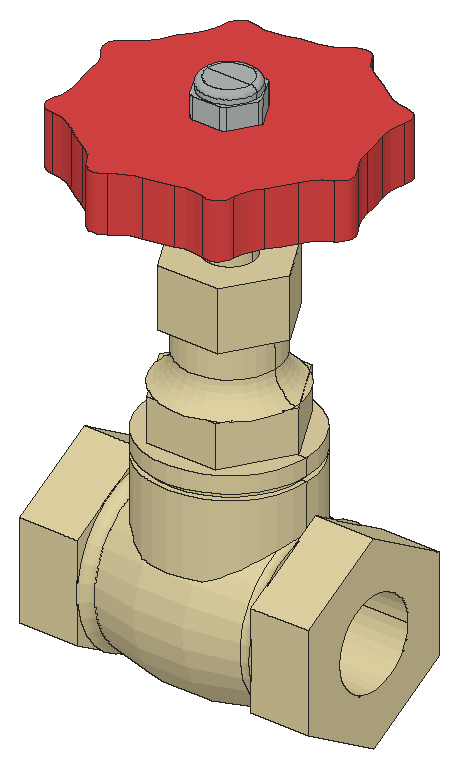
Revit family "DA04050000", category Apparecchi idraulici, Revit 2020
Family settings
  Quota connettore circolare = Usa diametro
  Tipo di parte = Normale
  Numero OmniClass = 23.45.00.00
  Titolo OmniClass = Sanitary, Laundry, and Cleaning Equipment
  Basato su piano di lavoro = No
  Sempre verticale = Sì
  Taglio con vuoti quando caricato = No
  Condiviso = No
  Punto di calcolo locali = No
Parameters
  URL = "https://web.cimberio.com/index.php/figura/1507?subcategoria_id="
  Temperatura di esercizio = "-10 ÷ 150°C"
  Prospetto di default = 0 mm
  Produttore = "CIMBERIO SPA"
  Pressione nominale = "PN 10"
  Modello = "Cim 75L"
  Materiale = "Prodotto in lega di ottone conforme alla norma EN 12165-CW617N-DW"
  Descrizione = "Utilizzato nei più svariati settori dell’impiantistica ed in ogni applicazione industriale ed agricola dove è richiesta una regolazione: impianti di riscaldamento, idrici, igienico sanitari, aria compressa, reti di distribuzione vapore saturo, olii, benzine, petrolio ed altri idrocarburi e in generale con ogni fluido non corrosivo"
  DN Model [instance] = DA04101015 : DA04101015
  DN [instance] = 15 mm
  Commenti sul tipo = "Realizzato in ottemperanza ai requisiti gestionali della norma EN ISO 9001.\r\nCollaudato al 100% secondo la normativa EN 12266-1"
Reference planes
  plane 1 "Centro (Fronte/Retro)": y = 0
  plane 2: z = 0
  plane 3 "Centro (Sinistra/Destra)": x = 0
Dimensions and locks
  aligned and locked: level to plane 2
Nested families
  nested 1: "DA04101015" at (0, 0, 0), type <- "DN Model", type "DA04101015"
  nested 2: "DA04101015" at (0, 0, 0), type <- "DN Model", type "DA04101015"
  nested 3: "DA04101015" at (0, 0, 0), type <- "DN Model", type "DA04101015"
  nested 4: "DA04101015" at (0, 0, 0), type <- "DN Model", type "DA04101015"
  nested 5: "DA04101015" at (0, 0, 0), type <- "DN Model", type "DA04101015"
  nested 6: "DA04101015" at (0, 0, 0), type <- "DN Model", type "DA04101015"
  nested 7: "DA04101015" at (0, 0, 0), type <- "DN Model", type "DA04101015"
  nested 8: "DA04101015" at (0, 0, 0), type <- "DN Model", type "DA04101015"
  nested 9: "DA04101015" at (0, 0, 0), type <- "DN Model", type "DA04101015"
Connectors
  piping at (25, 0, 0), diameter 15, driven by "DN"
    settings: on nested 1, index 1, connector inside diameter 609.6 mm, connector length 0 mm, flow factor 0, pipe flow 0.0 L/s, pressure drop 0.0 Pa, fitting loss kfactor 0, connector angle 0.00°, fixture units 0, engagement length 0 mm, angle of deflection 0.00°, flow configuration 0, flow direction 0, fitting loss method 0, system type 7, joint type 0, gender type 0, connector reference index -1, connector utility 0, adjustable connector no, is connector primary yes, connector description ""
  piping at (-25, 0, 0), diameter 15, driven by "DN"
    settings: on nested 1, index 2, connector inside diameter 609.6 mm, connector length 0 mm, flow factor 0, pipe flow 0.0 L/s, pressure drop 0.0 Pa, fitting loss kfactor 0, connector angle 0.00°, fixture units 0, engagement length 0 mm, angle of deflection 0.00°, flow configuration 0, flow direction 0, fitting loss method 0, system type 7, joint type 0, gender type 0, connector reference index -1, connector utility 0, adjustable connector no, is connector primary no, connector description ""
Definition of nested family "DA04101015"
  Parameters (values of type "DA04101015")
    Default Elevation = 0 mm
  Reference planes
    plane 1 "Centro (Fronte/Retro)": y = 0
    plane 2: z = 0
    plane 3 "Centro (Sinistra/Destra)": x = 0
  Forms (mm)
    Revolve 1, solid
      sketch origin (0, 0, 0) x (1, 0, 0) y (0, 0, 1)
        loop
          line (-14.944, -7.5) -> (-14.944, -14.342)
          arc (-14.944, -14.342) -> (-13.941, -13.466) -> (-12.611, -13.419) r 1.987
          arc (-12.611, -13.419) -> (-0.009, -15.365) -> (12.592, -13.419) r 41.77
          arc (12.592, -13.419) -> (14.011, -13.499) -> (15.02, -14.5) r 2.003
          line (15.02, -14.5) -> (15.02, -7.5) -> (-14.944, -7.5)
        axis (-14.944, 0) -> (15.02, 0)
      angle from 0 to 360
    Extrusion 2, solid
      sketch origin (0, 0, 0) x (0, 1, 0) y (0, 0, 1)
        loop
          circle (0, 0) r 7.5
        loop
          line (0, 16.25) -> (-14.073, 8.125) -> (-14.073, -8.125) -> (0, -16.25) -> (14.073, -8.125) -> (14.073, 8.125) -> (0, 16.25)
      from -25 to -14.944
    Revolve 3, solid
      sketch origin (0, 0, 0) x (1, 0, 0) y (0, 0, 1)
        loop
          line (0, 24.866) -> (-13.5, 24.866) -> (-13.5, 22) -> (-12.5, 22) -> (-12.5, 21) -> (-13.5, 21) -> (-13.5, 8.117) -> (0, 8.117) -> (0, 24.866)
        axis (0, 24.866) -> (0, 8.117)
      angle from 0 to 360
    Extrusion 4, solid
      sketch origin (0, 0, 0) x (0, -1, 0) y (1, 0, 0)
        loop
          line (0, -12) -> (10.392, -6) -> (10.392, 6) -> (0, 12) -> (-10.392, 6) -> (-10.392, -6) -> (0, -12)
      from 24.866 to 31.987
    Revolve 5, solid
      sketch origin (0, 0, -4.817) x (1, 0, 0) y (0, 0, 1)
        loop
          line (0, 48) -> (-7.95, 48) -> (-8, 41.503)
          arc (-8, 41.503) -> (-8.914, 38.642) -> (-11.29, 36.804) r 5.056
          line (-11.29, 36.804) -> (0, 36.804) -> (0, 48)
        axis (0, 48) -> (0, 36.804)
      angle from 0 to 360
    Extrusion 6, solid
      sketch origin (0, 0, 0) x (0, -1, 0) y (1, 0, 0)
        loop
          line (0, -10.4) -> (9.007, -5.2) -> (9.007, 5.2) -> (0, 10.4) -> (-9.007, 5.2) -> (-9.007, -5.2) -> (0, -10.4)
      from 42 to 52
    Revolve 7, solid
      sketch origin (0, 0, -2.5) x (1, 0, 0) y (0, 0, 1)
        loop
          line (-8, 67) -> (-8, 65.501)
          arc (-8, 65.501) -> (-7.853, 65.147) -> (-7.499, 65) r 0.501
          line (-7.499, 65) -> (-4, 65) -> (-4, 54.373) -> (0, 54.373) -> (0, 67) -> (-8, 67)
        axis (0, 67) -> (0, 54.373)
      angle from 0 to 360
    Extrusion 8, solid
      sketch origin (0.001, 0, 0) x (0.934985, 0.354687, 0) y (-0.354687, 0.934985, 0)
        loop
          line (-1.377, 5.329) -> (-4.94, 2.419)
          arc (-4.94, 2.419) -> (-5.249, 1.991) -> (-5.302, 1.465) r 1.021
          line (-5.302, 1.465) -> (-4.565, -3.074)
          arc (-4.565, -3.074) -> (-4.349, -3.551) -> (-3.924, -3.858) r 1.012
          line (-3.924, -3.858) -> (0.37, -5.486)
          arc (0.37, -5.486) -> (0.9, -5.54) -> (1.387, -5.321) r 1.03
          line (1.387, -5.321) -> (4.931, -2.427)
          arc (4.931, -2.427) -> (5.246, -1.989) -> (5.3, -1.452) r 1.042
          line (5.3, -1.452) -> (4.567, 3.058)
          arc (4.567, 3.058) -> (4.346, 3.549) -> (3.909, 3.863) r 1.04
          line (3.909, 3.863) -> (-0.382, 5.491)
          arc (-0.382, 5.491) -> (-0.901, 5.543) -> (-1.377, 5.329) r 1.007
      from 73 to 77.5
    Revolve 9, solid
      sketch origin (0, 0, -1.69) x (1, 0, 0) y (0, 0, 1)
        loop
          line (0, 81) -> (0, 79.19) -> (4.75, 79.19) -> (4.75, 80)
          arc (4.75, 80) -> (4.457, 80.707) -> (3.75, 81) r 1
          line (3.75, 81) -> (0, 81)
        axis (0, 81) -> (0, 79.19)
      angle from 0 to 360
    Extrusion 10, solid
      sketch origin (0, 0, 0) x (1, 0, 0) y (0, 1, 0)
        loop
          spline (-11.968, 20.777) -> (-12.425, 20.871) -> (-12.866, 20.906) -> (-13.287, 20.88) -> (-13.682, 20.795) -> (-14.047, 20.652) -> (-14.377, 20.452) -> (-14.669, 20.197) -> (-14.918, 19.891) -> (-15.122, 19.537) -> (-15.278, 19.14) -> (-15.384, 18.705) -> (-15.439, 18.236)
          arc (-15.439, 18.236) -> (-15.956, 15.864) -> (-17.167, 13.758) r 7.932
          arc (-17.167, 13.758) -> (-18.555, 11.82) -> (-19.725, 9.743) r 22
          arc (-19.725, 9.743) -> (-21.109, 7.745) -> (-23.054, 6.285) r 7.604
          spline (-23.054, 6.285) -> (-23.461, 6.032) -> (-23.815, 5.747) -> (-24.111, 5.431) -> (-24.346, 5.09) -> (-24.516, 4.728) -> (-24.619, 4.349) -> (-24.654, 3.958) -> (-24.621, 3.559) -> (-24.52, 3.159) -> (-24.352, 2.761) -> (-24.12, 2.371) -> (-23.826, 1.994)
          arc (-23.826, 1.994) -> (-22.509, -0.058) -> (-21.868, -2.41) r 8.033
          arc (-21.868, -2.41) -> (-21.479, -4.762) -> (-20.837, -7.058) r 22
          arc (-20.837, -7.058) -> (-20.41, -9.45) -> (-20.746, -11.858) r 7.744
          spline (-20.746, -11.858) -> (-20.855, -12.32) -> (-20.903, -12.769) -> (-20.891, -13.198) -> (-20.818, -13.602) -> (-20.686, -13.976) -> (-20.495, -14.316) -> (-20.248, -14.618) -> (-19.949, -14.877) -> (-19.601, -15.09) -> (-19.208, -15.255) -> (-18.776, -15.371) -> (-18.308, -15.434)
          arc (-18.308, -15.434) -> (-15.903, -15.958) -> (-13.759, -17.167) r 8.269
          arc (-13.759, -17.167) -> (-11.821, -18.555) -> (-9.743, -19.725) r 22
          arc (-9.743, -19.725) -> (-7.757, -21.119) -> (-6.287, -23.051) r 7.912
          spline (-6.287, -23.051) -> (-6.033, -23.46) -> (-5.747, -23.815) -> (-5.43, -24.112) -> (-5.088, -24.347) -> (-4.724, -24.517) -> (-4.343, -24.62) -> (-3.95, -24.654) -> (-3.55, -24.62) -> (-3.147, -24.516) -> (-2.748, -24.346) -> (-2.357, -24.111) -> (-1.979, -23.813)
          arc (-1.979, -23.813) -> (0.061, -22.492) -> (2.41, -21.868) r 7.748
          arc (2.41, -21.868) -> (4.762, -21.479) -> (7.058, -20.837) r 22
          arc (7.058, -20.837) -> (9.442, -20.417) -> (11.84, -20.741) r 7.867
          spline (11.84, -20.741) -> (12.31, -20.853) -> (12.766, -20.903) -> (13.201, -20.891) -> (13.611, -20.816) -> (13.99, -20.679) -> (14.334, -20.483) -> (14.637, -20.229) -> (14.896, -19.922) -> (15.109, -19.564) -> (15.271, -19.161) -> (15.382, -18.717) -> (15.439, -18.238)
          arc (15.439, -18.238) -> (15.934, -15.856) -> (17.167, -13.759) r 7.487
          arc (17.167, -13.759) -> (18.555, -11.821) -> (19.725, -9.743) r 22
          arc (19.725, -9.743) -> (21.126, -7.76) -> (23.054, -6.285) r 8.056
          spline (23.054, -6.285) -> (23.463, -6.032) -> (23.817, -5.745) -> (24.114, -5.428) -> (24.348, -5.086) -> (24.518, -4.722) -> (24.62, -4.341) -> (24.654, -3.948) -> (24.619, -3.549) -> (24.516, -3.147) -> (24.346, -2.748) -> (24.111, -2.357) -> (23.813, -1.979)
          arc (23.813, -1.979) -> (22.516, 0.071) -> (21.868, 2.41) r 8.284
          arc (21.868, 2.41) -> (21.479, 4.762) -> (20.837, 7.058) r 22
          arc (20.837, 7.058) -> (20.407, 9.418) -> (20.727, 11.795) r 7.666
          spline (20.727, 11.795) -> (20.846, 12.275) -> (20.902, 12.739) -> (20.892, 13.184) -> (20.818, 13.602) -> (20.68, 13.988) -> (20.48, 14.337) -> (20.221, 14.645) -> (19.906, 14.908) -> (19.539, 15.121) -> (19.125, 15.282) -> (18.67, 15.39) -> (18.179, 15.442)
          arc (18.179, 15.442) -> (15.833, 15.955) -> (13.759, 17.167) r 7.692
          arc (13.759, 17.167) -> (11.821, 18.555) -> (9.743, 19.725) r 22
          arc (9.743, 19.725) -> (7.755, 21.12) -> (6.285, 23.054) r 7.902
          spline (6.285, 23.054) -> (6.03, 23.465) -> (5.741, 23.821) -> (5.422, 24.119) -> (5.077, 24.353) -> (4.71, 24.522) -> (4.326, 24.623) -> (3.931, 24.654) -> (3.528, 24.616) -> (3.124, 24.508) -> (2.723, 24.333) -> (2.33, 24.092) -> (1.951, 23.788)
          arc (1.951, 23.788) -> (-0.079, 22.486) -> (-2.41, 21.868) r 7.781
          arc (-2.41, 21.868) -> (-4.762, 21.479) -> (-7.058, 20.837) r 22
          arc (-7.058, 20.837) -> (-9.509, 20.444) -> (-11.968, 20.777) r 8.484
        loop
          line (-3.177, 4.495) -> (-5.477, 0.51)
          arc (-5.477, 0.51) -> (-5.613, 0) -> (-5.477, -0.511) r 1.021
          line (-5.477, -0.511) -> (-3.177, -4.492)
          arc (-3.177, -4.492) -> (-2.806, -4.863) -> (-2.3, -4.998) r 1.012
          line (-2.3, -4.998) -> (2.292, -4.998)
          arc (2.292, -4.998) -> (2.807, -4.86) -> (3.184, -4.482) r 1.03
          line (3.184, -4.482) -> (5.472, -0.52)
          arc (5.472, -0.52) -> (5.611, 0.001) -> (5.471, 0.522) r 1.042
          line (5.471, 0.522) -> (3.186, 4.479)
          arc (3.186, 4.479) -> (2.805, 4.86) -> (2.285, 4.999) r 1.04
          line (2.285, 4.999) -> (-2.304, 4.999)
          arc (-2.304, 4.999) -> (-2.808, 4.864) -> (-3.177, 4.495) r 1.007
      from 64.5 to 73.947
    Extrusion 11, solid
      sketch origin (0, 0, 0) x (0, 1, 0) y (0, 0, -1)
        loop
          circle (0, 0) r 7.5
        loop
          line (0, -16.25) -> (14.073, -8.125) -> (14.073, 8.125) -> (0, 16.25) -> (-14.073, 8.125) -> (-14.073, -8.125) -> (0, -16.25)
      from -25 to -14.944
  Dimensions and locks
    aligned and locked: level to plane 2
